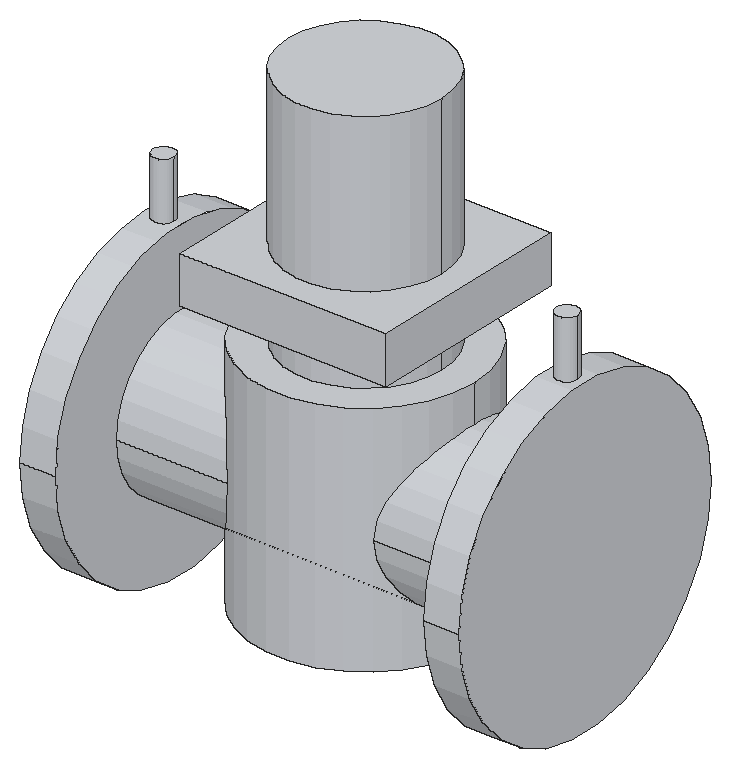
Revit family "PV_Compact_PN25_DN050_(50-200kPa)_RFA_2018", category Pipe Accessories, Revit 2018
Family settings
  Round Connector Dimension = Use Diameter
  Part Type = Valve - Breaks Into
  Work Plane-Based = No
  Always vertical = Yes
  Cut with Voids When Loaded = No
  Shared = No
Parameters (values of type "PV Compact PN25 DN050 (50-200kPa)")
  magiProductId = "08a421d9482846e584fc1251b4b528"
  magiProductFamilyId = "1af2f5f7761a4c5f850eea414834fa"
  magiPartTypeId = 304
  isMeasuringValve [instance] = no
  ang2D [instance] = 0.00°
  W2D = 50 mm
  VersionID = "2.0/2018.12.13.2/FRESE_PV_COMPACT_BIG_Q13_001"
  Use Minimum Symbol Size [instance] = no
  URL = "www.hydronic.cz"
  Type Comments = "PŘÍRUBOVÝ; PN25; dpmax=1000kPa; -10~+120°C"
  R4 = 40.25 mm
  R3 = 42.9 mm
  R1 = 57.5 mm
  QmdConnectorList = "301;D;302;D"
  Productdata [instance] = ""
  Manufacturer = "Hydronic Systems Prague s.r.o."
  Maintenance Zone Under Depth [instance] = 100 mm
  Maintenance Zone Right Depth [instance] = 100 mm
  Maintenance Zone Over Depth [instance] = 100 mm
  Maintenance Zone Left Depth [instance] = 100 mm
  Maintenance Zone Front Depth [instance] = 100 mm
  Maintenance Zone Back Depth [instance] = 100 mm
  Maintenance Zone Front Visibility [instance] = no
  MC Use Limits From Balancing Method = no
  MC Throttling Minimum Value = 0
  MC Throttling Maximum Value = 0
  MC Product Code = "53-3321 DN050 PN25; nastavitelný rozsah dp=20~100kPa; Q=5,1~20,5 m3/h;  kvs=29"
  MC Pressure Drop Minimum Value = 0.0 Pa
  MC Pressure Drop Maximum Value = 0.0 Pa
  MC Piping Given Pressure Drop [instance] = 0.0 Pa
  LF__ve = -LF  # -18.4 mm
  LF2 = 9.2 mm
  LF = 18.4 mm
  L4 = 108.1 mm
  L3 = 193.2 mm
  L2D_Min = 30.48 mm
  L2D = 230 mm
  L2 = 115 mm
  H6 = 82.25 mm
  H4 = 24.75 mm
  H3 = 20.625 mm
  H2 = 61.875 mm
  H1 = 123.75 mm
  Description = "Nastavitelný regulátor tlakové diference"
  DF2 = 82.5 mm
  D = 50 mm
  Clearance Zone Height Depth [instance] = 100 mm
  Clearance Zone Circular Radius [instance] = 115 mm
  Clearance Zone Visibility [instance] = no
  CAT0 = yes
Types (4, lengths in mm): name | magiProductId | R4 | R3 | R1 | MC Product Code | LF__ve | LF2 | LF | L4 | L3 | L2 | H6 | H4 | H3 | H2 | H1 | DF2 | D | Clearance Zone Circular Radius
  PV Compact PN25 DN050 (50-200kPa) | "08a421d9482846e584fc1251b4b528" | 40.25 | 42.9 | 57.5 | "53-3321 DN050 PN25; nastavitelný rozsah dp=20~100kPa; Q=5,1~20,5 m3/h;  kvs=29" | -18.4 | 9.2 | 18.4 | 108.1 | 193.2 | 115 | 82.25 | 24.75 | 20.625 | 61.875 | 123.75 | 82.5 | 50 | 115
  PV Compact PN25 DN065 (50-200kPa) | "3326a2f4bd724a059fd12b24a48407" | 50.75 | 48.1 | 72.5 | "53-3324 DN065 PN25; nastavitelný rozsah dp=20~100kPa; Q=7,4~29,7 m3/h;  kvs=42" | -23.2 | 11.6 | 23.2 | 136.3 | 243.6 | 145 | 105.25 | 27.75 | 23.125 | 69.375 | 138.75 | 92.5 | 65 | 145
  PV Compact PN25 DN080 (50-200kPa) | "aa373f4712fe4f789034ae13a1f456" | 54.25 | 52 | 77.5 | "53-3327 DN080 PN25; nastavitelný rozsah dp=20~100kPa; Q=11,7~47,4 m3/h;  kvs=67" | -24.8 | 12.4 | 24.8 | 145.7 | 260.4 | 155 | 141 | 30 | 25 | 75 | 150 | 100 | 80 | 155
  PV Compact PN25 DN100 (50-200kPa) | "7d735ad2cc7a4544b6e207f0b5dfca" | 61.25 | 61.1 | 87.5 | "53-3330 DN100 PN25; nastavitelný rozsah dp=20~100kPa; Q=20,3~81,3 m3/h;  kvs=115" | -28 | 14 | 28 | 164.5 | 294 | 175 | 234.75 | 35.25 | 29.375 | 88.125 | 176.25 | 117.5 | 100 | 175
Reference planes
  plane 1 "Center (Front/Back)": y = 0
  plane 2 "XYPLANE": z = 0
  plane 3 "Center (Left/Right)": x = 0
  plane 4 "257": y = -82.5
  plane 5 "256": y = 82.5
  plane 6 "255": z = -82.5
  plane 7 "254": y = -182.5
  plane 8 "253": y = 182.5
  plane 9 "252": x = -215
  plane 10 "251": x = 215
  plane 11 "250": z = 289.5
  plane 12 "249": z = -182.5
  plane 13 "248": z = 289.5
  plane 14 "247": z = 189.5
  plane 15 "157": x = 105.8
  plane 16 "156": x = -105.8
  plane 17 "155": z = 82.5
  plane 18 "154": z = 107.25
  plane 19 "153": z = 82.5
  plane 20 "152": z = 61.875
  plane 21 "151": x = -96.6
  plane 22 "150": z = -61.875
  plane 23 "149": x = 0
  plane 24 "148": y = 0
  plane 25 "147": z = 0
  plane 26 "146": x = -115
  plane 27 "145": x = 115
Forms (mm)
  Blend 1, solid, visible <- "Maintenance Zone Front Visibility"
    base sketch origin (-750, 0, -182.5) x (1, 0, 0) y (0, 1, 0)
      loop
        line (535, 182.5) -> (535, -182.5) -> (965, -182.5) -> (965, 182.5) -> (535, 182.5)
    top sketch origin (-750, 0, -182.5) x (1, 0, 0) y (0, 1, 0)
      loop
        line (535, 182.5) -> (535, -182.5) -> (965, -182.5) -> (965, 182.5) -> (535, 182.5)
    from 0 to 472
  Blend 2, solid, visible <- "Clearance Zone Visibility"
    base sketch origin (-750, 0, 0) x (1, 0, 0) y (0, 1, 0)
      loop
        circle (750, 0) r 115
    top sketch origin (-750, 0, 0) x (1, 0, 0) y (0, 1, 0)
      loop
        circle (750, 0) r 115
    from 0 to 289.5
  Extrusion 3, solid, visible <- "CAT0"
    sketch origin (-750, 0, 82.5) x (1, 0, 0) y (0, 1, 0)
      loop
        circle (855.8, 0) r 5.5
    from 0 to 30
  Extrusion 4, solid, visible <- "CAT0"
    sketch origin (-750, 0, 82.5) x (1, 0, 0) y (0, 1, 0)
      loop
        circle (644.2, 0) r 5.5
    from 0 to 30
  Extrusion 5, solid
    sketch origin (-750, 0, 107.25) x (1, 0, 0) y (0, 1, 0)
      loop
        circle (750, 0) r 40.25
    from 0 to 82.25 <- "H6"
  Extrusion 6, solid, visible <- "CAT0"
    sketch origin (-750, 0, 82.5) x (1, 0, 0) y (0, 1, 0)
      loop
        line (804.05, 54.05) -> (695.95, 54.05) -> (695.95, -54.05) -> (804.05, -54.05) -> (804.05, 54.05)
    from 0 to 24.75 <- "H4"
  Extrusion 7, solid, visible <- "CAT0"
    sketch origin (-750, 0, 61.875) x (1, 0, 0) y (0, 1, 0)
      loop
        circle (750, 0) r 40.25
    from 0 to 20.625 <- "H3"
  Extrusion 8, solid, visible <- "CAT0"
    sketch origin (-96.6, -750, 0) x (0, 1, 0) y (0, 0, 1)
      loop
        circle (750, 0) r 42.9
    from 0 to 193.2 <- "L3"
  Extrusion 9, solid, visible <- "CAT0"
    sketch origin (-750, 0, -61.875) x (1, 0, 0) y (0, 1, 0)
      loop
        circle (750, 0) r 57.5
    from 0 to 123.75 <- "H1"
  Extrusion 10, solid, visible <- "CAT0"
    sketch origin (-115, -750, 0) x (0, 1, 0) y (0, 0, 1)
      loop
        circle (750, 0) r 82.5
    from 0 to 18.4 <- "LF"
  Extrusion 11, solid, visible <- "CAT0"
    sketch origin (115, -750, 0) x (0, 1, 0) y (0, 0, 1)
      loop
        circle (750, 0) r 82.5
    from 0 to -18.4 <- "LF__ve"
  Extrusion 12, solid, not visible
    sketch origin (-115, -750, 0) x (0, 1, 0) y (0, 0, 1)
      loop
        circle (750, 0) r 10
    from 0 to 10
  Extrusion 13, solid, not visible
    sketch origin (115, -750, 0) x (0, 1, 0) y (0, 0, 1)
      loop
        circle (750, 0) r 10
    from 0 to -10
Lines and regions (mm)
  reference lines, not visible
    curve 1: circle (2, 2, 0) r 1 normal (0, 0, 1)
  reference lines
    curve 2: circle (0, 0, 82.5) r 1 normal (0, 0, 1)
Dimensions and locks
  plane 1 "Center (Front/Back)" to curve 1 = 2 mm
  "DF2": plane 24 "148" to plane 4 "257"
  "DF2": plane 24 "148" to plane 5 "256"
  "DF2": plane 25 "147" to plane 6 "255"
  "Maintenance Zone Front Depth": plane 4 "257" to plane 7 "254"
  "Maintenance Zone Back Depth": plane 5 "256" to plane 8 "253"
  "Maintenance Zone Left Depth": plane 26 "146" to plane 9 "252"
  "Maintenance Zone Right Depth": plane 27 "145" to plane 10 "251"
  "Maintenance Zone Over Depth": plane 14 "247" to plane 11 "250"
  "Maintenance Zone Under Depth": plane 6 "255" to plane 12 "249"
  "Clearance Zone Height Depth": plane 14 "247" to plane 13 "248"
  "H6": plane 18 "154" to plane 14 "247"
  "LF2": plane 27 "145" to plane 15 "157"
  "LF2": plane 26 "146" to plane 16 "156"
  "DF2": plane 2 "XYPLANE" to plane 17 "155"
  "H4": plane 19 "153" to plane 18 "154"
  "H3": plane 20 "152" to plane 19 "153"
  "H1": plane 22 "150" to plane 20 "152"
  "LF": plane 26 "146" to plane 21 "151"
  "H2": plane 2 "XYPLANE" to plane 22 "150"
  locked: plane 3 "Center (Left/Right)" to plane 23 "149"
  locked: plane 1 "Center (Front/Back)" to plane 24 "148"
  locked: plane 2 "XYPLANE" to plane 25 "147"
  "L2": plane 3 "Center (Left/Right)" to plane 26 "146"
  "L2": plane 3 "Center (Left/Right)" to plane 27 "145"
  Blend 1 sketch curve to Blend 1 sketch curve = 0 mm  (x16)
  equal spacing: Extrusion 6 sketch curve, curve 2, Extrusion 6 sketch curve  (x2)
  "L4": Extrusion 6 sketch curve to Extrusion 6 sketch curve  (x2)
  Extrusion 6 sketch curve to Extrusion 6 sketch curve = 0 mm  (x8)
  "Clearance Zone Circular Radius": radius of Blend 2 sketch curve  (x2)
  "R4": radius of Extrusion 5 sketch curve
  "R4": radius of Extrusion 7 sketch curve
  "R3": radius of Extrusion 8 sketch curve
  "R1": radius of Extrusion 9 sketch curve
  "DF2": radius of Extrusion 10 sketch curve
  "DF2": radius of Extrusion 11 sketch curve
  aligned and locked: level to plane 2 "XYPLANE"
  aligned and locked: Blend 1 sketch curve to plane 8 "253"  (x2)
  aligned and locked: plane 9 "252" to Blend 1 sketch curve  (x4)
  aligned and locked: plane 10 "251" to Blend 1 sketch curve  (x4)
  aligned and locked: plane 8 "253" to Blend 1 sketch curve  (x2)
  aligned and locked: plane 7 "254" to Blend 1 sketch curve  (x4)
  aligned and locked: plane 11 "250" to Blend 1
  aligned and locked: plane 23 "149" to Blend 2 sketch curve  (x2)
  aligned and locked: plane 24 "148" to Blend 2 sketch curve  (x2)
  aligned and locked: plane 13 "248" to Blend 2
  aligned and locked: plane 15 "157" to Extrusion 3 sketch curve
  aligned and locked: plane 24 "148" to Extrusion 3 sketch curve
  aligned and locked: plane 16 "156" to Extrusion 4 sketch curve
  aligned and locked: plane 24 "148" to Extrusion 4 sketch curve
  aligned and locked: plane 23 "149" to Extrusion 5 sketch curve
  aligned and locked: plane 24 "148" to Extrusion 5 sketch curve
  aligned and locked: plane 23 "149" to curve 2
  aligned and locked: plane 24 "148" to curve 2
  aligned and locked: plane 23 "149" to Extrusion 7 sketch curve
  aligned and locked: plane 24 "148" to Extrusion 7 sketch curve
  aligned and locked: Extrusion 8 sketch curve to plane 24 "148"
  aligned and locked: plane 25 "147" to Extrusion 8 sketch curve
  aligned and locked: plane 23 "149" to Extrusion 9 sketch curve
  aligned and locked: plane 24 "148" to Extrusion 9 sketch curve
  aligned and locked: Extrusion 10 sketch curve to plane 24 "148"
  aligned and locked: plane 25 "147" to Extrusion 10 sketch curve
  aligned and locked: Extrusion 11 sketch curve to plane 24 "148"
  aligned and locked: plane 25 "147" to Extrusion 11 sketch curve
  aligned and locked: Extrusion 12 sketch curve to plane 24 "148"
  aligned and locked: plane 25 "147" to Extrusion 12 sketch curve
  aligned and locked: Extrusion 13 sketch curve to plane 24 "148"
  aligned and locked: plane 25 "147" to Extrusion 13 sketch curve
Automatic sketch dimensions
  Extrusion 3 sketch curve to plane 15 "157" = 5.5 mm
  plane 26 "146" to Extrusion 4 sketch curve = 3.7 mm
  plane 1 "Center (Front/Back)" to Extrusion 12 sketch curve = 10 mm
  plane 1 "Center (Front/Back)" to Extrusion 13 sketch curve = 10 mm
  plane 3 "Center (Left/Right)" to curve 1 = 2 mm
  plane 21 "151" to Extrusion 6 sketch curve = 42.55 mm
  plane 4 "257" to Extrusion 6 sketch curve = 28.45 mm
  radius of curve 2 = 1 mm
  radius of curve 1 = 1 mm
Connectors
  piping at (-115, 0, 0), diameter 50, driven by "D"
    settings: on Extrusion 12, index 1, connector inside diameter 609.6 mm, connector length 0 mm, flow factor 0, pipe flow 0.0 L/s, pressure drop 0.0 Pa, fitting loss kfactor 0, connector angle 0.00°, fixture units 0, engagement length 0 mm, angle of deflection 0.00°, flow configuration 0, flow direction 0, fitting loss method 0, system type 29, joint type 0, gender type 0, connector reference index 2, connector utility 0, adjustable connector no, is connector primary yes, connector description ""
  piping at (115, 0, 0), diameter 50, driven by "D"
    settings: on Extrusion 13, index 2, connector inside diameter 609.6 mm, connector length 0 mm, flow factor 0, pipe flow 0.0 L/s, pressure drop 0.0 Pa, fitting loss kfactor 0, connector angle 0.00°, fixture units 0, engagement length 0 mm, angle of deflection 0.00°, flow configuration 0, flow direction 0, fitting loss method 0, system type 29, joint type 0, gender type 0, connector reference index 1, connector utility 0, adjustable connector no, is connector primary no, connector description ""
